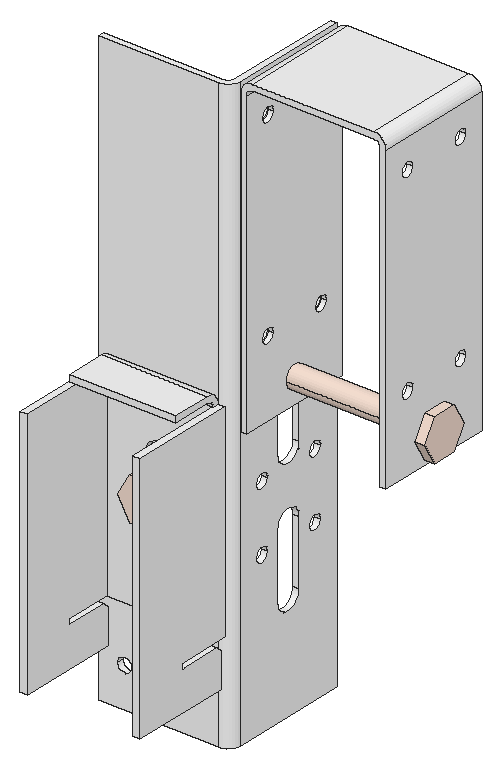
Revit family "KIRIIアングルクランプL100", category 機械設備, Revit 2020
Family settings
  丸型コネクタ寸法 = 直径を使用
  種別 = なし
  パーツ タイプ = 標準
  作業面ベース = いいえ
  常に垂直 = はい
  ロード時にボイドで切り取り = いいえ
  共有 = いいえ
  部屋計算ポイント = いいえ
Parameters
  製造元 = "株式会社桐井製作所"
  既定の高さ = 0 mm
  URL = "https://www.kirii.co.jp/"
  K_板厚(mm) = 2.3 mm
  K_品名 = "KIRIIアングルクランプL100(C100用)"
  K_名称 = "支持構造部接合金具"
  K_バージョン情報 = "240619"
Reference planes
  plane 1 "中心(正面/背面)": y = 0
  plane 2: z = 0
  plane 3 "中心(左/右)": x = 0
Forms (mm)
  Extrusion 1, solid
    sketch origin (-2.3, 45, 80) x (-1, 0, 0) y (0, -1, 0)
      loop
        line (-2.3, -0.4) -> (0, -0.4) -> (0, 45)
        arc (0, 45) -> (0.674, 46.626) -> (2.3, 47.3) r 2.3
        line (2.3, 47.3) -> (47.7, 47.3) -> (47.7, 49.6) -> (2.3, 49.6)
        arc (2.3, 49.6) -> (-0.953, 48.253) -> (-2.3, 45) r 4.6
        line (-2.3, 45) -> (-2.3, -0.4)
    from 145 to -80
  Extrusion 2, void
    sketch origin (0, 45, 0) x (0, -1, 0) y (0, 0, 1)
      loop
        circle (35, 210.2) r 2.75
      loop
        circle (10, 210.2) r 2.75
      loop
        circle (35, 185.2) r 2.75
      loop
        circle (10, 185.2) r 2.75
      loop
        circle (35, 160.2) r 2.75
      loop
        circle (10, 160.2) r 2.75
      loop
        circle (35, 135.2) r 2.75
      loop
        circle (10, 135.2) r 2.75
      loop
        circle (35, 110.2) r 2.75
      loop
        circle (10, 110.2) r 2.75
      loop
        circle (35, 85.2) r 2.75
      loop
        circle (10, 85.2) r 2.75
      loop
        circle (35, 60.2) r 2.75
      loop
        circle (10, 60.2) r 2.75
      loop
        arc (27.75, 115.45) -> (22.5, 120.7) -> (17.25, 115.45) r 5.25
        line (17.25, 115.45) -> (17.25, 90.95)
        arc (17.25, 90.95) -> (22.5, 85.7) -> (27.75, 90.95) r 5.25
        line (27.75, 90.95) -> (27.75, 115.45)
      loop
        arc (27.75, 65.45) -> (22.5, 70.7) -> (17.25, 65.45) r 5.25
        line (17.25, 65.45) -> (17.25, 40.95)
        arc (17.25, 40.95) -> (22.5, 35.7) -> (27.75, 40.95) r 5.25
        line (27.75, 40.95) -> (27.75, 65.45)
    from 2.3 to 0
  Extrusion 3, solid
    sketch origin (2.3, 45, 130.616) x (-1, 0, 0) y (0, 0, 1)
      loop
        line (0, -24.3) -> (2.3, -24.3) -> (2.3, 90.4)
        arc (2.3, 90.4) -> (0.953, 93.653) -> (-2.3, 95) r 4.6
        line (-2.3, 95) -> (-48.2, 95)
        arc (-48.2, 95) -> (-51.453, 93.653) -> (-52.8, 90.4) r 4.6
        line (-52.8, 90.4) -> (-52.8, -24.3) -> (-50.5, -24.3) -> (-50.5, 90.4)
        arc (-50.5, 90.4) -> (-49.826, 92.026) -> (-48.2, 92.7) r 2.3
        line (-48.2, 92.7) -> (-2.3, 92.7)
        arc (-2.3, 92.7) -> (-0.674, 92.026) -> (0, 90.4) r 2.3
        line (0, 90.4) -> (0, -24.3)
    from 0 to -45
  Extrusion 4, void
    sketch origin (0, 45, 0) x (0, -1, 0) y (0, 0, 1)
      loop
        circle (35, 210.2) r 2.75
      loop
        circle (10, 210.2) r 2.75
      loop
        circle (35, 135.2) r 2.75
      loop
        circle (10, 135.2) r 2.75
    from 0 to -2.3
  Extrusion 5, void
    sketch origin (52.8, 45, 0) x (0, -1, 0) y (0, 0, 1)
      loop
        circle (35, 210.2) r 2.75
      loop
        circle (10, 210.2) r 2.75
      loop
        circle (35, 135.2) r 2.75
      loop
        circle (10, 135.2) r 2.75
    from 0 to -2.3
  Extrusion 6, void
    sketch origin (0, -4.2, 80) x (-1, 0, 0) y (0, 0, -1)
      loop
        circle (25, 0) r 4.5
    from -1.9 to -4.6
  Extrusion 7, void
    sketch origin (0, -4.2, 0) x (-1, 0, 0) y (0, 0, -1)
      loop
        circle (15, -15.2) r 2.75
      loop
        circle (40, -15.2) r 2.75
    from 0.4 to -1.9
  Extrusion 8, solid
    sketch origin (0, -4.2, 80) x (-1, 0, 0) y (0, 0, -1)
      loop
        circle (25, 0) r 5
      loop
        circle (25, 0) r 4.5
    from -1.9 to -4.6
  Extrusion 9, solid
    sketch origin (0, 0.4, 80) x (0, 1, 0) y (0, 0, -1)
      loop
        line (-5, -36) -> (-5, 42) -> (-7.3, 42) -> (-7.3, -36)
        arc (-7.3, -36) -> (-7.974, -37.626) -> (-9.6, -38.3) r 2.3
        line (-9.6, -38.3) -> (-25, -38.3) -> (-25, -40.6) -> (-9.6, -40.6)
        arc (-9.6, -40.6) -> (-6.347, -39.253) -> (-5, -36) r 4.6
    from 5 to 45
  Extrusion 10, solid
    sketch origin (0, 0.4, 80) x (-1, 0, 0) y (0, 0, -1)
      loop
        line (2.3, -36) -> (5, -36) -> (5, 59) -> (2.3, 59) -> (2.3, -36)
      loop
        line (45, -36) -> (47.7, -36) -> (47.7, 59) -> (45, 59) -> (45, -36)
    from 5 to 45
  Extrusion 11, void
    sketch origin (0, 0.4, 80) x (0, 1, 0) y (0, 0, -1)
      loop
        line (-25.5, 42) -> (-5, 42) -> (-5, 59) -> (-7, 59) -> (-7, 46) -> (-9, 44) -> (-25.5, 44) -> (-25.5, 42)
    from 50 to 0
  Extrusion 12, void
    sketch origin (0, -4.2, 80) x (-1, 0, 0) y (0, 0, -1)
      loop
        circle (25, 0) r 4.5
    from -1.9 to -4.6
  Extrusion 13, void
    sketch origin (0, 0.4, 80) x (-1, 0, 0) y (0, 0, -1)
      loop
        line (30.25, -12.25) -> (30.25, 12.25)
        arc (30.25, 12.25) -> (28.712, 15.962) -> (25, 17.5) r 5.25
        arc (25, 17.5) -> (21.288, 15.962) -> (19.75, 12.25) r 5.25
        line (19.75, 12.25) -> (19.75, -12.25)
        arc (19.75, -12.25) -> (21.288, -15.962) -> (25, -17.5) r 5.25
        arc (25, -17.5) -> (28.712, -15.962) -> (30.25, -12.25) r 5.25
    from 7.3 to 5
  Extrusion 14, void
    sketch origin (0, 0.4, 80) x (-1, 0, 0) y (0, 0, -1)
      loop
        circle (25, 32) r 2.25
    from 7.3 to 5
Cuts and joins
  Extrusion 2, Extrusion 7 cuts Extrusion 1
  Extrusion 2, Extrusion 4, Extrusion 5 cuts Extrusion 3
  Extrusion 6 cuts Extrusion 8
  Extrusion 11, Extrusion 13, Extrusion 14 cuts Extrusion 9
  Extrusion 11, Extrusion 14 cuts Extrusion 10
Dimensions and locks
  aligned and locked: level to plane 2
Nested families
  nested 1: "M10×60ボルト" at (59.1, 22.5, 116.316) x (0, 1, 0) z (0, 0, 1), type "M10×60ボルト"
  nested 2: "M10×25ボルト" at (-25, -15.5, 80), type "M10×25ボルト"
Definition of nested family "M10×60ボルト"
  Parameters (values of type "M10×60ボルト")
    Manufacturer = "株式会社桐井製作所"
    Default Elevation = 0 mm
    URL = "https://www.kirii.co.jp/"
    K_材料規格 = "M10×L60"
    K_品名 = "M10×60ボルト"
    K_名称 = "M10×60ボルト"
    K_備考 = "KIRIIアングルクランプ付属品"
  Reference planes
    plane 1 "中心(正面/背面)": y = 0
    plane 2: z = 0
    plane 3 "中心(左/右)": x = 0
    plane 4: x = 8
    plane 5: x = -8
    plane 6 "正面": y = -4
    plane 7: z = 8
    plane 8: z = -8
  Forms (mm)
    Extrusion 1, solid
      sketch origin (0, 0, 0) x (1, 0, 0) y (0, 0, 1)
        loop
          line (-4.619, 8) -> (-9.238, 0) -> (-4.619, -8) -> (4.619, -8) -> (9.238, 0) -> (4.619, 8) -> (-4.619, 8)
      from 0 to 4
    Extrusion 2, solid
      sketch origin (0, 0, 25.676) x (1, 0, 0) y (0, 0, 1)
        loop
          circle (0, -25.676) r 4.1
      from 4 to 64
  Cuts and joins
    joined: Extrusion 1, Extrusion 2
  Lines and regions (mm)
    model lines
      curve 1: circle (0, 0, 0) r 8 normal (0, -1, 0)
  Dimensions and locks
    aligned and locked: level to plane 2
Definition of nested family "M10×25ボルト"
  Parameters (values of type "M10×25ボルト")
    Manufacturer = "株式会社桐井製作所"
    Default Elevation = 0 mm
    URL = "https://www.kirii.co.jp/"
    K_材料規格 = "M10×L25"
    K_品名 = "M10×25ボルト"
    K_名称 = "M10×25ボルト"
    K_備考 = "KIRIIアングルクランプ付属品"
  Reference planes
    plane 1 "中心(正面/背面)": y = 0
    plane 2: z = 0
    plane 3 "中心(左/右)": x = 0
    plane 4: x = 8
    plane 5: x = -8
    plane 6 "正面": y = -4
    plane 7: z = 8
    plane 8: z = -8
  Forms (mm)
    Extrusion 1, solid
      sketch origin (0, 0, 0) x (1, 0, 0) y (0, 0, 1)
        loop
          line (-4.619, 8) -> (-9.238, 0) -> (-4.619, -8) -> (4.619, -8) -> (9.238, 0) -> (4.619, 8) -> (-4.619, 8)
      from 0 to 4
    Extrusion 2, solid
      sketch origin (0, 0, 25.676) x (1, 0, 0) y (0, 0, 1)
        loop
          circle (0, -25.676) r 4.1
      from 4 to 29
  Cuts and joins
    joined: Extrusion 1, Extrusion 2
  Lines and regions (mm)
    model lines
      curve 1: circle (0, 0, 0) r 8 normal (0, -1, 0)
  Dimensions and locks
    aligned and locked: level to plane 2
